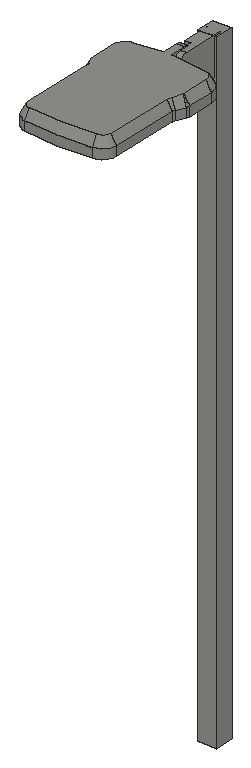
Revit family "VP-4-AAU", category Lighting Fixtures, host Face, Revit 2019
Family settings
  Host = Face
  Round Connector Dimension = Use Diameter
  Part Type = Normal
  OmniClass Number = 23.80.70.11.14.17
  OmniClass Title = Direct/Indirect
  Cut with Voids When Loaded = No
  Light Source = No
  Shared = Yes
  Room Calculation Point = No
Parameters (values of type "VP-4-AAU")
  Wattage Comments = "600W"  # constant formula
  Warranty = "Five year warranty"  # constant formula
  Voltage = 120 V
  URL = "https://www.currentlighting.com/beacon"
  Type Comments = "Lighting Fixture"  # constant formula
  Product Page URL = "https://www.currentlighting.com/outdoor-lighting/viper-area-size-4/9606406"
  Product Documentation Link = "https://cdn.currentlighting.com/site/specsheet/BEA_VIPERSPEC.pdf"
  Power Factor = 0.9
  Pole Height [instance] = 120.00"
  Name = "Viper Area Size 4"  # constant formula
  Model = "VP-4-AAU"
  Matt Grey = MATT GREY
  Matt Black = Matt Black
  Manufacturer = "Current Lighting"  # constant formula
  Load Classification = Lighting
  Light Output = 87468.00 cd/m²
  Lamp = "LED"  # constant formula
  Grey = Grey
  Glass = Glass
  Pole Size [instance] = 3.50"
  Features = "Featuring two different optical technologies, Micro Strike and Strike Optics, which provide the best distribution patterns for retrofit or new construction\r\nVibration rated for high vibration applications including bridges and overpasses\r\nControl options including photo control, occupancy sensing, NX Lighting Controls, wiSCAPE and 7-Pin with networked controls\r\nMounting options include: Arm, Universal Arm, Adjustable Arm, Mast Arm, Decorative Arm, Knuckle, Trunnion, Wall\r\nDistribution options include: Auto Front Row, Type 2, Type 3, Type 4 Forward, Type 4 Wide, Type 5 Narrow, Type 5 Medium, Type 5 Wide, Type 5 Rectangular, Corner Optic, and Tennis Court\r\n\r\n"  # constant formula
  Copyright = "© 2022 Current Lighting"  # constant formula
  Cool Grey = Cool Grey
  Contact Us = "https://www.currentlighting.com/contact-us"
  Certification = "UL"  # constant formula
  Description = "The Viper is an extremely versatile area/site luminaire which blends design, performance, and technology for a variety of applications."  # constant formula
  Default Elevation = 48.00"
  Finish = Arctic White
  Matt White = Matt White
  CRI = "70"  # constant formula
  Brand = "Beacon"  # constant formula
  Assembly Code = "D5020200"
  Apparent Load = 600 VA  # constant formula
Reference planes (in)
  plane 1 "Center (Front/Back)": y = 6.16697
  plane 2: z = 0
  plane 3 "Center (Left/Right)": x = 0
  plane 4: z = 3.75
  plane 5: z = -4.44
  plane 6: x = -1.75
  plane 7: x = 1.75
  plane 8: y = 4.41697
  plane 9: y = 7.91697
  plane 10: z = 120
Forms (in)
  Extrusion 1, solid, material "Cool Grey" <- "Cool Grey"
    sketch origin (0, 0, 0) x (1, 0, 0) y (0, 1, 0)
      loop
        line (-1.75, 7.91697) -> (-1.75, 4.41697) -> (1.75, 4.41697) -> (1.75, 7.91697) -> (-1.75, 7.91697)
    from 0 to 120
Lines and regions (in)
  reference lines
    curve 1: line (0, 14.42606, -3.25) -> (0, 17.42606, -0.25)
    curve 2: line (0, -2.09213, -3.25) -> (0, 14.42606, -3.25)
    curve 3: line (0, -5.09213, -0.25) -> (0, -2.09213, -3.25)
    curve 4: line (0, 14.42606, -3.25) -> (0, 17.42606, -0.25)
    curve 5: line (0, -5.09213, -0.25) -> (0, 17.42606, -0.25)
    curve 6: line (0, 17.17606, -0.77432) -> (0, 17.92606, -0.77432)
    curve 7: line (0, 17.17606, -1.52432) -> (0, 17.17606, -0.77432)
    curve 8: line (0, 16.69614, -1.52432) -> (0, 17.17606, -1.52432)
    curve 9: line (0, 14.92606, -4.25) -> (0, 16.69614, -1.52432)
    curve 10: line (0, -4.3622, -1.52432) -> (0, -2.59213, -4.25)
    curve 11: line (0, -4.84213, -1.52432) -> (0, -4.3622, -1.52432)
    curve 12: line (0, -4.84213, -0.77432) -> (0, -4.84213, -1.52432)
    curve 13: line (0, -5.59213, -0.77432) -> (0, -4.84213, -0.77432)
Dimensions and locks (in)
  plane 4 to plane 2 = 3.75"
  "Pole Size": plane 8 to plane 9
  equal spacing: plane 8, plane 1 "Center (Front/Back)", plane 9
  equal spacing: plane 6, plane 3 "Center (Left/Right)", plane 7
  "Pole Size": plane 6 to plane 7
  "Pole Height": plane 10 to plane 2
  aligned and locked: plane 2 to host face
  aligned and locked: level to host face
  aligned and locked: plane 10 to Extrusion 1
  aligned and locked: plane 3 "Center (Left/Right)" to nested 1
  aligned and locked: plane 9 to Extrusion 1 sketch curve
  aligned and locked: plane 6 to Extrusion 1 sketch curve
  aligned and locked: Extrusion 1 sketch curve to plane 8
  aligned and locked: Extrusion 1 sketch curve to plane 7
  aligned and locked: nested 1 to plane 10
Automatic sketch dimensions
  host sketch curve to host sketch curve = 96.00"
  host sketch curve to host sketch curve = 85.00"
  curve 3 to level = 0.25"
  plane 8 to curve 3 = 9.50909"
  curve 3 to curve 12 = 0.25"
  curve 11 to curve 11 = 0.47992"
  curve 2 to plane 5 = 1.19"
  curve 10 to curve 2 = 2.27008"
  curve 1 to plane 9 = 6.50909"
  curve 9 to level = 1.52432"
  curve 1 to curve 9 = 2.27008"
  curve 8 to curve 8 = 0.47992"
  curve 6 to curve 4 = 0.25"
  curve 10 to curve 3 = 1.27432"
  curve 7 to curve 1 = 0.52432"
  curve 12 to curve 3 = 0.52432"
  curve 13 to curve 3 = 0.50"
  curve 10 to plane 5 = 0.19"
  curve 10 to curve 2 = 0.50"
  curve 9 to plane 5 = 0.19"
  curve 1 to curve 9 = 0.50"
  curve 1 to curve 6 = 0.50"
Nested families (in)
  nested 1: "SIZE4-AAU" at (0, 4.41697, 118.26) x (1, 0, 0) z (0, -1, 0), type "SIZE4-AAU"
Connectors (in)
  electrical at (0, 6.16697, 0), driven by "Power Factor", driven by "Apparent Load", driven by "Voltage"
    settings: on Extrusion 1, index 1, voltage 120 V, apparent load 600 VA, apparent load phase1 0 VA, apparent load phase2 0 VA, apparent load phase3 0 VA, power factor 0.9, load classification "Other", number of poles 1, system type 30, power factor state 1, is connector primary yes, connector utility no, sub classification motor no, connector description "Light Fixture"
Definition of nested family "SIZE4-AAU"
  Parameters (values of type "SIZE4-AAU")
    Width = 19.62"
    Wattage = 519.1 W
    built-in parameter 1150110 = 1 (stored number, unit not read)
    built-in parameter 1114217 = 1 (stored number, unit not read)
    Tilt Angle = 160.00°
    built-in parameter 1150109 = 1 (stored number, unit not read)
    built-in parameter 1150134 = 3
    built-in parameter 1150113 = 1 (stored number, unit not read)
    Photometric Web File = "VP-4-720L-515-5K7-4W-BC.ies"
    Mount Length = 7.50"
    built-in parameter 1150105 = 3180.8 (stored number, unit not read)
    Lumens = 39970.7 lm
    built-in parameter 1150115 = 1 (stored number, unit not read)
    built-in parameter 1150137 = (empty or 0)
    built-in parameter 1150139 = (empty or 0)
    Length = 27.98"
    built-in parameter 1150112 = 1 (stored number, unit not read)
    built-in parameter 1150114 = 1 (stored number, unit not read)
    built-in parameter 1150132 = (empty or 0)
    built-in parameter 1150102 = (empty or 0)
    built-in parameter 1150107 = 3200 (stored number, unit not read)
    built-in parameter 1150138 = (empty or 0)
    built-in parameter 1150106 = 31.808 (stored number, unit not read)
    Glass = none
    Fixture = none
    built-in parameter 1150104 = 7.1535 (stored number, unit not read)
    Dimming Lamp Color Temperature Shift = (empty or 0)
    Default Elevation = 48.00"
    Color Filter = 16777215
    built-in parameter 1114218 = 1 (stored number, unit not read)
    built-in parameter 1150133 = 10 (stored number, unit not read)
  Reference planes (in)
    plane 1 "Center (Front/Back)": y = 0
    plane 2: z = 0
    plane 3 "Center (Left/Right)": x = 0
    plane 4: x = 9.81
    plane 5: x = -9.81
    plane 6: z = 7.5
    plane 7: z = 35.48
    plane 8: y = -1.74
    plane 9: y = 1.74
  Forms (in)
    Extrusion 1, solid
      sketch origin (0, 0, 0) x (1, 0, 0) y (0, 1, 0)
        loop
          line (-48, 48) -> (-48, -48) -> (48, -48) -> (48, 48) -> (-48, 48)
      from 0 to -12
    Extrusion 2, void
      sketch origin (0, 0, 0) x (1, 0, 0) y (0, 0, 1)
        loop
          arc (-8.40608, 15.16005) -> (0.0771, 15.81374) -> (8.56, 15.15635) r 55.21553
          line (8.56, 15.15635) -> (8.56, 33.16182) -> (-8.40608, 33.16182) -> (-8.40608, 15.16005)
      from 1 to 1.75
    Extrusion 3, solid, material <- "Glass"
      sketch origin (0, 0, -0.5) x (1, 0, 0) y (0, 0, 1)
        loop
          arc (-7.30987, 33.16182) -> (-7.55736, 33.05931) -> (-7.65987, 32.81182) r 0.35
          line (-7.65987, 32.81182) -> (-7.65987, 28.01182)
          arc (-7.65987, 28.01182) -> (-7.55736, 27.76434) -> (-7.30987, 27.66182) r 0.35
          line (-7.30987, 27.66182) -> (7.30987, 27.66182)
          arc (7.30987, 27.66182) -> (7.55736, 27.76434) -> (7.65987, 28.01182) r 0.35
          line (7.65987, 28.01182) -> (7.65987, 32.81182)
          arc (7.65987, 32.81182) -> (7.55736, 33.05931) -> (7.30987, 33.16182) r 0.35
          line (7.30987, 33.16182) -> (-7.30987, 33.16182)
      from 1 to 1.35
    Extrusion 4, solid, material <- "Glass"
      sketch origin (0.375, 0, -0.375) x (1, 0, 0) y (0, 0, 1)
        loop
          circle (-7.47829, 32.33694) r 0.15
        loop
          circle (-6.95955, 32.33694) r 0.15
        loop
          circle (-6.4408, 32.33694) r 0.15
        loop
          circle (-5.92205, 32.33694) r 0.15
        loop
          circle (-5.4033, 32.33694) r 0.15
        loop
          circle (-4.88455, 32.33694) r 0.15
        loop
          circle (-4.3658, 32.33694) r 0.15
        loop
          circle (-3.84705, 32.33694) r 0.15
        loop
          circle (-3.32831, 32.33694) r 0.15
        loop
          circle (-7.47829, 31.83694) r 0.15
        loop
          circle (-6.95955, 31.83694) r 0.15
        loop
          circle (-6.4408, 31.83694) r 0.15
        loop
          circle (-5.92205, 31.83694) r 0.15
        loop
          circle (-5.4033, 31.83694) r 0.15
        loop
          circle (-4.88455, 31.83694) r 0.15
        loop
          circle (-4.3658, 31.83694) r 0.15
        loop
          circle (-3.84705, 31.83694) r 0.15
        loop
          circle (-3.32831, 31.83694) r 0.15
        loop
          circle (-7.47829, 31.33694) r 0.15
        loop
          circle (-6.95955, 31.33694) r 0.15
        loop
          circle (-6.4408, 31.33694) r 0.15
        loop
          circle (-5.92205, 31.33694) r 0.15
        loop
          circle (-5.4033, 31.33694) r 0.15
        loop
          circle (-4.88455, 31.33694) r 0.15
        loop
          circle (-4.3658, 31.33694) r 0.15
        loop
          circle (-3.84705, 31.33694) r 0.15
        loop
          circle (-3.32831, 31.33694) r 0.15
        loop
          circle (-7.47829, 30.83694) r 0.15
        loop
          circle (-6.95955, 30.83694) r 0.15
        loop
          circle (-6.4408, 30.83694) r 0.15
        loop
          circle (-5.92205, 30.83694) r 0.15
        loop
          circle (-5.4033, 30.83694) r 0.15
        loop
          circle (-4.88455, 30.83694) r 0.15
        loop
          circle (-4.3658, 30.83694) r 0.15
        loop
          circle (-3.84705, 30.83694) r 0.15
        loop
          circle (-3.32831, 30.83694) r 0.15
        loop
          circle (-7.47829, 30.33694) r 0.15
        loop
          circle (-6.95955, 30.33694) r 0.15
        loop
          circle (-6.4408, 30.33694) r 0.15
        loop
          circle (-5.92205, 30.33694) r 0.15
        loop
          circle (-5.4033, 30.33694) r 0.15
        loop
          circle (-4.88455, 30.33694) r 0.15
        loop
          circle (-4.3658, 30.33694) r 0.15
        loop
          circle (-3.84705, 30.33694) r 0.15
        loop
          circle (-3.32831, 30.33694) r 0.15
        loop
          circle (-7.47829, 29.83694) r 0.15
        loop
          circle (-6.95955, 29.83694) r 0.15
        loop
          circle (-6.4408, 29.83694) r 0.15
        loop
          circle (-5.92205, 29.83694) r 0.15
        loop
          circle (-5.4033, 29.83694) r 0.15
        loop
          circle (-4.88455, 29.83694) r 0.15
        loop
          circle (-4.3658, 29.83694) r 0.15
        loop
          circle (-3.84705, 29.83694) r 0.15
        loop
          circle (-3.32831, 29.83694) r 0.15
        loop
          circle (-7.47829, 29.33694) r 0.15
        loop
          circle (-6.95955, 29.33694) r 0.15
        loop
          circle (-6.4408, 29.33694) r 0.15
        loop
          circle (-5.92205, 29.33694) r 0.15
        loop
          circle (-5.4033, 29.33694) r 0.15
        loop
          circle (-4.88455, 29.33694) r 0.15
        loop
          circle (-4.3658, 29.33694) r 0.15
        loop
          circle (-3.84705, 29.33694) r 0.15
        loop
          circle (-3.32831, 29.33694) r 0.15
        loop
          circle (-7.47829, 28.83694) r 0.15
        loop
          circle (-6.95955, 28.83694) r 0.15
        loop
          circle (-6.4408, 28.83694) r 0.15
        loop
          circle (-5.92205, 28.83694) r 0.15
        loop
          circle (-5.4033, 28.83694) r 0.15
        loop
          circle (-4.88455, 28.83694) r 0.15
        loop
          circle (-4.3658, 28.83694) r 0.15
        loop
          circle (-3.84705, 28.83694) r 0.15
        loop
          circle (-3.32831, 28.83694) r 0.15
        loop
          circle (-7.47829, 28.33694) r 0.15
        loop
          circle (-6.95955, 28.33694) r 0.15
        loop
          circle (-6.4408, 28.33694) r 0.15
        loop
          circle (-5.92205, 28.33694) r 0.15
        loop
          circle (-5.4033, 28.33694) r 0.15
        loop
          circle (-4.88455, 28.33694) r 0.15
        loop
          circle (-4.3658, 28.33694) r 0.15
        loop
          circle (-3.84705, 28.33694) r 0.15
        loop
          circle (-3.32831, 28.33694) r 0.15
      from 1.35 to 1.4
    Extrusion 5, solid, material <- "Glass"
      sketch origin (0, 0, -0.375) x (1, 0, 0) y (0, 0, 1)
        loop
          arc (-7.16655, 32.8409) -> (-7.34333, 32.76768) -> (-7.41655, 32.5909) r 0.25
          line (-7.41655, 32.5909) -> (-7.41655, 28.0909)
          arc (-7.41655, 28.0909) -> (-7.34333, 27.91412) -> (-7.16655, 27.8409) r 0.25
          line (-7.16655, 27.8409) -> (-2.81123, 27.8409)
          arc (-2.81123, 27.8409) -> (-2.63446, 27.91412) -> (-2.56123, 28.0909) r 0.25
          line (-2.56123, 28.0909) -> (-2.56123, 32.5909)
          arc (-2.56123, 32.5909) -> (-2.63446, 32.76768) -> (-2.81123, 32.8409) r 0.25
          line (-2.81123, 32.8409) -> (-7.16655, 32.8409)
      from 1.35 to 1.37213
    Extrusion 6, solid, material <- "Fixture"
      sketch origin (0, 0, 12.875) x (1, 0, 0) y (0, 1, 0)
        loop
          line (7.68693, -1) -> (7.68693, -1.20146)
          arc (7.68693, -1.20146) -> (7.69367, -1.23973) -> (7.71311, -1.27339) r 0.1119
          line (7.71311, -1.27339) -> (8.07367, -1.70309)
          arc (8.07367, -1.70309) -> (8.10164, -1.72455) -> (8.13607, -1.73219) r 0.08147
          line (8.13607, -1.73219) -> (8.56, -1.73219) -> (8.56, -1) -> (7.68693, -1)
      from 18.55 to 18.65
    Extrusion 7, solid, material <- "Glass"
      sketch origin (-0.375, 0, -0.375) x (-1, 0, 0) y (0, 0, -1)
        loop
          circle (-7.47829, -32.33694) r 0.15
        loop
          circle (-6.95955, -32.33694) r 0.15
        loop
          circle (-6.4408, -32.33694) r 0.15
        loop
          circle (-5.92205, -32.33694) r 0.15
        loop
          circle (-5.4033, -32.33694) r 0.15
        loop
          circle (-4.88455, -32.33694) r 0.15
        loop
          circle (-4.3658, -32.33694) r 0.15
        loop
          circle (-3.84705, -32.33694) r 0.15
        loop
          circle (-3.32831, -32.33694) r 0.15
        loop
          circle (-7.47829, -31.83694) r 0.15
        loop
          circle (-6.95955, -31.83694) r 0.15
        loop
          circle (-6.4408, -31.83694) r 0.15
        loop
          circle (-5.92205, -31.83694) r 0.15
        loop
          circle (-5.4033, -31.83694) r 0.15
        loop
          circle (-4.88455, -31.83694) r 0.15
        loop
          circle (-4.3658, -31.83694) r 0.15
        loop
          circle (-3.84705, -31.83694) r 0.15
        loop
          circle (-3.32831, -31.83694) r 0.15
        loop
          circle (-7.47829, -31.33694) r 0.15
        loop
          circle (-6.95955, -31.33694) r 0.15
        loop
          circle (-6.4408, -31.33694) r 0.15
        loop
          circle (-5.92205, -31.33694) r 0.15
        loop
          circle (-5.4033, -31.33694) r 0.15
        loop
          circle (-4.88455, -31.33694) r 0.15
        loop
          circle (-4.3658, -31.33694) r 0.15
        loop
          circle (-3.84705, -31.33694) r 0.15
        loop
          circle (-3.32831, -31.33694) r 0.15
        loop
          circle (-7.47829, -30.83694) r 0.15
        loop
          circle (-6.95955, -30.83694) r 0.15
        loop
          circle (-6.4408, -30.83694) r 0.15
        loop
          circle (-5.92205, -30.83694) r 0.15
        loop
          circle (-5.4033, -30.83694) r 0.15
        loop
          circle (-4.88455, -30.83694) r 0.15
        loop
          circle (-4.3658, -30.83694) r 0.15
        loop
          circle (-3.84705, -30.83694) r 0.15
        loop
          circle (-3.32831, -30.83694) r 0.15
        loop
          circle (-7.47829, -30.33694) r 0.15
        loop
          circle (-6.95955, -30.33694) r 0.15
        loop
          circle (-6.4408, -30.33694) r 0.15
        loop
          circle (-5.92205, -30.33694) r 0.15
        loop
          circle (-5.4033, -30.33694) r 0.15
        loop
          circle (-4.88455, -30.33694) r 0.15
        loop
          circle (-4.3658, -30.33694) r 0.15
        loop
          circle (-3.84705, -30.33694) r 0.15
        loop
          circle (-3.32831, -30.33694) r 0.15
        loop
          circle (-7.47829, -29.83694) r 0.15
        loop
          circle (-6.95955, -29.83694) r 0.15
        loop
          circle (-6.4408, -29.83694) r 0.15
        loop
          circle (-5.92205, -29.83694) r 0.15
        loop
          circle (-5.4033, -29.83694) r 0.15
        loop
          circle (-4.88455, -29.83694) r 0.15
        loop
          circle (-4.3658, -29.83694) r 0.15
        loop
          circle (-3.84705, -29.83694) r 0.15
        loop
          circle (-3.32831, -29.83694) r 0.15
        loop
          circle (-7.47829, -29.33694) r 0.15
        loop
          circle (-6.95955, -29.33694) r 0.15
        loop
          circle (-6.4408, -29.33694) r 0.15
        loop
          circle (-5.92205, -29.33694) r 0.15
        loop
          circle (-5.4033, -29.33694) r 0.15
        loop
          circle (-4.88455, -29.33694) r 0.15
        loop
          circle (-4.3658, -29.33694) r 0.15
        loop
          circle (-3.84705, -29.33694) r 0.15
        loop
          circle (-3.32831, -29.33694) r 0.15
        loop
          circle (-7.47829, -28.83694) r 0.15
        loop
          circle (-6.95955, -28.83694) r 0.15
        loop
          circle (-6.4408, -28.83694) r 0.15
        loop
          circle (-5.92205, -28.83694) r 0.15
        loop
          circle (-5.4033, -28.83694) r 0.15
        loop
          circle (-4.88455, -28.83694) r 0.15
        loop
          circle (-4.3658, -28.83694) r 0.15
        loop
          circle (-3.84705, -28.83694) r 0.15
        loop
          circle (-3.32831, -28.83694) r 0.15
        loop
          circle (-7.47829, -28.33694) r 0.15
        loop
          circle (-6.95955, -28.33694) r 0.15
        loop
          circle (-6.4408, -28.33694) r 0.15
        loop
          circle (-5.92205, -28.33694) r 0.15
        loop
          circle (-5.4033, -28.33694) r 0.15
        loop
          circle (-4.88455, -28.33694) r 0.15
        loop
          circle (-4.3658, -28.33694) r 0.15
        loop
          circle (-3.84705, -28.33694) r 0.15
        loop
          circle (-3.32831, -28.33694) r 0.15
      from 1.35 to 1.4
    Extrusion 8, solid, material <- "Glass"
      sketch origin (0, 0, -0.375) x (-1, 0, 0) y (0, 0, -1)
        loop
          line (-7.16655, -32.8409) -> (-2.84181, -32.8409)
          arc (-2.84181, -32.8409) -> (-2.66504, -32.76768) -> (-2.59181, -32.5909) r 0.25
          line (-2.59181, -32.5909) -> (-2.59181, -28.0909)
          arc (-2.59181, -28.0909) -> (-2.66504, -27.91412) -> (-2.84181, -27.8409) r 0.25
          line (-2.84181, -27.8409) -> (-7.16655, -27.8409)
          arc (-7.16655, -27.8409) -> (-7.34333, -27.91412) -> (-7.41655, -28.0909) r 0.25
          line (-7.41655, -28.0909) -> (-7.41655, -32.5909)
          arc (-7.41655, -32.5909) -> (-7.34333, -32.76768) -> (-7.16655, -32.8409) r 0.25
      from 1.35 to 1.37213
    Extrusion 9, solid, material <- "Glass"
      sketch origin (0, 0, -5.75) x (1, 0, 0) y (0, 0, 1)
        loop
          arc (-7.30987, 32.91182) -> (-7.55736, 32.80931) -> (-7.65987, 32.56182) r 0.35
          line (-7.65987, 32.56182) -> (-7.65987, 27.76182)
          arc (-7.65987, 27.76182) -> (-7.55736, 27.51434) -> (-7.30987, 27.41182) r 0.35
          line (-7.30987, 27.41182) -> (7.30987, 27.41182)
          arc (7.30987, 27.41182) -> (7.55736, 27.51434) -> (7.65987, 27.76182) r 0.35
          line (7.65987, 27.76182) -> (7.65987, 32.56182)
          arc (7.65987, 32.56182) -> (7.55736, 32.80931) -> (7.30987, 32.91182) r 0.35
          line (7.30987, 32.91182) -> (-7.30987, 32.91182)
      from 1 to 1.35
    Extrusion 10, solid, material <- "Glass"
      sketch origin (0, 0, 47.30365) x (1, 0, 0) y (0, 0, 1)
        loop
          line (-7.30987, -31.14182) -> (7.30987, -31.14182)
          arc (7.30987, -31.14182) -> (7.55736, -31.03931) -> (7.65987, -30.79182) r 0.35
          line (7.65987, -30.79182) -> (7.65987, -25.99182)
          arc (7.65987, -25.99182) -> (7.55736, -25.74434) -> (7.30987, -25.64182) r 0.35
          line (7.30987, -25.64182) -> (-7.30987, -25.64182)
          arc (-7.30987, -25.64182) -> (-7.55736, -25.74434) -> (-7.65987, -25.99182) r 0.35
          line (-7.65987, -25.99182) -> (-7.65987, -30.79182)
          arc (-7.65987, -30.79182) -> (-7.55736, -31.03931) -> (-7.30987, -31.14182) r 0.35
      from 1 to 1.35
    Extrusion 11, solid, material <- "Fixture"
      sketch origin (0, 0, 11.87318) x (1, 0, 0) y (0, 1, 0)
        loop
          line (7.68693, -1) -> (7.68693, -1.20146)
          arc (7.68693, -1.20146) -> (7.69367, -1.23973) -> (7.71311, -1.27339) r 0.1119
          line (7.71311, -1.27339) -> (8.07367, -1.70309)
          arc (8.07367, -1.70309) -> (8.10164, -1.72455) -> (8.13607, -1.73219) r 0.08147
          line (8.13607, -1.73219) -> (8.56, -1.73219) -> (8.56, -1) -> (7.68693, -1)
      from 18.55 to 18.65
    Extrusion 12, solid, material <- "Fixture"
      sketch origin (0, 0, 10.87135) x (1, 0, 0) y (0, 1, 0)
        loop
          line (7.68693, -1) -> (7.68693, -1.20146)
          arc (7.68693, -1.20146) -> (7.69367, -1.23973) -> (7.71311, -1.27339) r 0.1119
          line (7.71311, -1.27339) -> (8.07367, -1.70309)
          arc (8.07367, -1.70309) -> (8.10164, -1.72455) -> (8.13607, -1.73219) r 0.08147
          line (8.13607, -1.73219) -> (8.56, -1.73219) -> (8.56, -1) -> (7.68693, -1)
      from 18.55 to 18.65
    Extrusion 13, solid, material <- "Fixture"
      sketch origin (0, 0, 9.86953) x (1, 0, 0) y (0, 1, 0)
        loop
          line (7.68693, -1) -> (7.68693, -1.20146)
          arc (7.68693, -1.20146) -> (7.69367, -1.23973) -> (7.71311, -1.27339) r 0.1119
          line (7.71311, -1.27339) -> (8.07367, -1.70309)
          arc (8.07367, -1.70309) -> (8.10164, -1.72455) -> (8.13607, -1.73219) r 0.08147
          line (8.13607, -1.73219) -> (8.56, -1.73219) -> (8.56, -1) -> (7.68693, -1)
      from 18.55 to 18.65
    Extrusion 14, solid, material <- "Fixture"
      sketch origin (0, 0, 8.86953) x (1, 0, 0) y (0, 1, 0)
        loop
          line (7.68693, -1) -> (7.68693, -1.20146)
          arc (7.68693, -1.20146) -> (7.69367, -1.23973) -> (7.71311, -1.27339) r 0.1119
          line (7.71311, -1.27339) -> (8.07367, -1.70309)
          arc (8.07367, -1.70309) -> (8.10164, -1.72455) -> (8.13607, -1.73219) r 0.08147
          line (8.13607, -1.73219) -> (8.56, -1.73219) -> (8.56, -1) -> (7.68693, -1)
      from 18.55 to 18.65
    Extrusion 15, solid, material <- "Fixture"
      sketch origin (0, 0, 7.8125) x (1, 0, 0) y (0, 1, 0)
        loop
          line (7.68693, -1) -> (7.68693, -1.20146)
          arc (7.68693, -1.20146) -> (7.69367, -1.23973) -> (7.71311, -1.27339) r 0.1119
          line (7.71311, -1.27339) -> (8.07367, -1.70309)
          arc (8.07367, -1.70309) -> (8.10164, -1.72455) -> (8.13607, -1.73219) r 0.08147
          line (8.13607, -1.73219) -> (8.56, -1.73219) -> (8.56, -1) -> (7.68693, -1)
      from 18.55 to 18.65
    Extrusion 16, solid, material <- "Fixture"
      sketch origin (0, 0, 6.81068) x (1, 0, 0) y (0, 1, 0)
        loop
          line (7.68693, -1) -> (7.68693, -1.20146)
          arc (7.68693, -1.20146) -> (7.69367, -1.23973) -> (7.71311, -1.27339) r 0.1119
          line (7.71311, -1.27339) -> (8.07367, -1.70309)
          arc (8.07367, -1.70309) -> (8.10164, -1.72455) -> (8.13607, -1.73219) r 0.08147
          line (8.13607, -1.73219) -> (8.56, -1.73219) -> (8.56, -1) -> (7.68693, -1)
      from 18.55 to 18.65
    Extrusion 17, solid, material <- "Fixture"
      sketch origin (0, 0, 5.80885) x (1, 0, 0) y (0, 1, 0)
        loop
          line (7.68693, -1) -> (7.68693, -1.20146)
          arc (7.68693, -1.20146) -> (7.69367, -1.23973) -> (7.71311, -1.27339) r 0.1119
          line (7.71311, -1.27339) -> (8.07367, -1.70309)
          arc (8.07367, -1.70309) -> (8.10164, -1.72455) -> (8.13607, -1.73219) r 0.08147
          line (8.13607, -1.73219) -> (8.56, -1.73219) -> (8.56, -1) -> (7.68693, -1)
      from 18.55 to 18.65
    Extrusion 18, solid, material <- "Fixture"
      sketch origin (0, 0, 4.80703) x (1, 0, 0) y (0, 1, 0)
        loop
          line (7.68693, -1) -> (7.68693, -1.20146)
          arc (7.68693, -1.20146) -> (7.69367, -1.23973) -> (7.71311, -1.27339) r 0.1119
          line (7.71311, -1.27339) -> (8.07367, -1.70309)
          arc (8.07367, -1.70309) -> (8.10164, -1.72455) -> (8.13607, -1.73219) r 0.08147
          line (8.13607, -1.73219) -> (8.56, -1.73219) -> (8.56, -1) -> (7.68693, -1)
      from 18.55 to 18.65
    Extrusion 19, solid, material <- "Fixture"
      sketch origin (0, 0, 3.80703) x (1, 0, 0) y (0, 1, 0)
        loop
          line (7.68693, -1) -> (7.68693, -1.20146)
          arc (7.68693, -1.20146) -> (7.69367, -1.23973) -> (7.71311, -1.27339) r 0.1119
          line (7.71311, -1.27339) -> (8.07367, -1.70309)
          arc (8.07367, -1.70309) -> (8.10164, -1.72455) -> (8.13607, -1.73219) r 0.08147
          line (8.13607, -1.73219) -> (8.56, -1.73219) -> (8.56, -1) -> (7.68693, -1)
      from 18.55 to 18.65
    Extrusion 20, solid, material <- "Fixture"
      sketch origin (0, 0, 2.125) x (1, 0, 0) y (0, 1, 0)
        loop
          line (7.68693, -1) -> (7.68693, -1.20146)
          arc (7.68693, -1.20146) -> (7.69367, -1.23973) -> (7.71311, -1.27339) r 0.1119
          line (7.71311, -1.27339) -> (8.07367, -1.70309)
          arc (8.07367, -1.70309) -> (8.10164, -1.72455) -> (8.13607, -1.73219) r 0.08147
          line (8.13607, -1.73219) -> (8.56, -1.73219) -> (8.56, -1) -> (7.68693, -1)
      from 18.55 to 18.65
    Extrusion 21, solid, material <- "Fixture"
      sketch origin (0, 0, 1.12318) x (1, 0, 0) y (0, 1, 0)
        loop
          line (7.68693, -1) -> (7.68693, -1.20146)
          arc (7.68693, -1.20146) -> (7.69367, -1.23973) -> (7.71311, -1.27339) r 0.1119
          line (7.71311, -1.27339) -> (8.07367, -1.70309)
          arc (8.07367, -1.70309) -> (8.10164, -1.72455) -> (8.13607, -1.73219) r 0.08147
          line (8.13607, -1.73219) -> (8.56, -1.73219) -> (8.56, -1) -> (7.68693, -1)
      from 18.55 to 18.65
    Extrusion 22, solid, material <- "Fixture"
      sketch origin (0, 0, 0.12135) x (1, 0, 0) y (0, 1, 0)
        loop
          line (7.68693, -1) -> (7.68693, -1.20146)
          arc (7.68693, -1.20146) -> (7.69367, -1.23973) -> (7.71311, -1.27339) r 0.1119
          line (7.71311, -1.27339) -> (8.07367, -1.70309)
          arc (8.07367, -1.70309) -> (8.10164, -1.72455) -> (8.13607, -1.73219) r 0.08147
          line (8.13607, -1.73219) -> (8.56, -1.73219) -> (8.56, -1) -> (7.68693, -1)
      from 18.55 to 18.65
    Extrusion 23, solid, material <- "Fixture"
      sketch origin (0, 0, -0.88047) x (1, 0, 0) y (0, 1, 0)
        loop
          line (7.68693, -1) -> (7.68693, -1.20146)
          arc (7.68693, -1.20146) -> (7.69367, -1.23973) -> (7.71311, -1.27339) r 0.1119
          line (7.71311, -1.27339) -> (8.07367, -1.70309)
          arc (8.07367, -1.70309) -> (8.10164, -1.72455) -> (8.13607, -1.73219) r 0.08147
          line (8.13607, -1.73219) -> (8.56, -1.73219) -> (8.56, -1) -> (7.68693, -1)
      from 18.55 to 18.65
    Extrusion 24, solid, material <- "Fixture"
      sketch origin (0, 0, -1.88047) x (1, 0, 0) y (0, 1, 0)
        loop
          line (7.68693, -1) -> (7.68693, -1.20146)
          arc (7.68693, -1.20146) -> (7.69367, -1.23973) -> (7.71311, -1.27339) r 0.1119
          line (7.71311, -1.27339) -> (8.07367, -1.70309)
          arc (8.07367, -1.70309) -> (8.10164, -1.72455) -> (8.13607, -1.73219) r 0.08147
          line (8.13607, -1.73219) -> (8.56, -1.73219) -> (8.56, -1) -> (7.68693, -1)
      from 18.55 to 18.65
    Extrusion 25, solid, material <- "Fixture"
      sketch origin (0.07812, 0, 13.125) x (-1, 0, 0) y (0, -1, 0)
        loop
          line (7.68693, 1) -> (8.56, 1) -> (8.56, 1.73219) -> (8.13607, 1.73219)
          arc (8.13607, 1.73219) -> (8.10164, 1.72455) -> (8.07367, 1.70309) r 0.08147
          line (8.07367, 1.70309) -> (7.71311, 1.27339)
          arc (7.71311, 1.27339) -> (7.69367, 1.23973) -> (7.68693, 1.20146) r 0.1119
          line (7.68693, 1.20146) -> (7.68693, 1)
      from 18.55 to 18.65
    Extrusion 26, solid, material <- "Fixture"
      sketch origin (0.07812, 0, 12.12318) x (-1, 0, 0) y (0, -1, 0)
        loop
          line (7.68693, 1) -> (8.56, 1) -> (8.56, 1.73219) -> (8.13607, 1.73219)
          arc (8.13607, 1.73219) -> (8.10164, 1.72455) -> (8.07367, 1.70309) r 0.08147
          line (8.07367, 1.70309) -> (7.71311, 1.27339)
          arc (7.71311, 1.27339) -> (7.69367, 1.23973) -> (7.68693, 1.20146) r 0.1119
          line (7.68693, 1.20146) -> (7.68693, 1)
      from 18.55 to 18.65
    Extrusion 27, solid, material <- "Fixture"
      sketch origin (0.07812, 0, 11.12135) x (-1, 0, 0) y (0, -1, 0)
        loop
          line (7.68693, 1) -> (8.56, 1) -> (8.56, 1.73219) -> (8.13607, 1.73219)
          arc (8.13607, 1.73219) -> (8.10164, 1.72455) -> (8.07367, 1.70309) r 0.08147
          line (8.07367, 1.70309) -> (7.71311, 1.27339)
          arc (7.71311, 1.27339) -> (7.69367, 1.23973) -> (7.68693, 1.20146) r 0.1119
          line (7.68693, 1.20146) -> (7.68693, 1)
      from 18.55 to 18.65
    Extrusion 28, solid, material <- "Fixture"
      sketch origin (0.07812, 0, 10.11953) x (-1, 0, 0) y (0, -1, 0)
        loop
          line (7.68693, 1) -> (8.56, 1) -> (8.56, 1.73219) -> (8.13607, 1.73219)
          arc (8.13607, 1.73219) -> (8.10164, 1.72455) -> (8.07367, 1.70309) r 0.08147
          line (8.07367, 1.70309) -> (7.71311, 1.27339)
          arc (7.71311, 1.27339) -> (7.69367, 1.23973) -> (7.68693, 1.20146) r 0.1119
          line (7.68693, 1.20146) -> (7.68693, 1)
      from 18.55 to 18.65
    Extrusion 29, solid, material <- "Fixture"
      sketch origin (0.07812, 0, 9.11953) x (-1, 0, 0) y (0, -1, 0)
        loop
          line (7.68693, 1) -> (8.56, 1) -> (8.56, 1.73219) -> (8.13607, 1.73219)
          arc (8.13607, 1.73219) -> (8.10164, 1.72455) -> (8.07367, 1.70309) r 0.08147
          line (8.07367, 1.70309) -> (7.71311, 1.27339)
          arc (7.71311, 1.27339) -> (7.69367, 1.23973) -> (7.68693, 1.20146) r 0.1119
          line (7.68693, 1.20146) -> (7.68693, 1)
      from 18.55 to 18.65
    Extrusion 30, solid, material <- "Fixture"
      sketch origin (0.07812, 0, 8.0625) x (-1, 0, 0) y (0, -1, 0)
        loop
          line (7.68693, 1) -> (8.56, 1) -> (8.56, 1.73219) -> (8.13607, 1.73219)
          arc (8.13607, 1.73219) -> (8.10164, 1.72455) -> (8.07367, 1.70309) r 0.08147
          line (8.07367, 1.70309) -> (7.71311, 1.27339)
          arc (7.71311, 1.27339) -> (7.69367, 1.23973) -> (7.68693, 1.20146) r 0.1119
          line (7.68693, 1.20146) -> (7.68693, 1)
      from 18.55 to 18.65
    Extrusion 31, solid, material <- "Fixture"
      sketch origin (0.07812, 0, 7.06068) x (-1, 0, 0) y (0, -1, 0)
        loop
          line (7.68693, 1) -> (8.56, 1) -> (8.56, 1.73219) -> (8.13607, 1.73219)
          arc (8.13607, 1.73219) -> (8.10164, 1.72455) -> (8.07367, 1.70309) r 0.08147
          line (8.07367, 1.70309) -> (7.71311, 1.27339)
          arc (7.71311, 1.27339) -> (7.69367, 1.23973) -> (7.68693, 1.20146) r 0.1119
          line (7.68693, 1.20146) -> (7.68693, 1)
      from 18.55 to 18.65
    Extrusion 32, solid, material <- "Fixture"
      sketch origin (0.07812, 0, 6.05885) x (-1, 0, 0) y (0, -1, 0)
        loop
          line (7.68693, 1) -> (8.56, 1) -> (8.56, 1.73219) -> (8.13607, 1.73219)
          arc (8.13607, 1.73219) -> (8.10164, 1.72455) -> (8.07367, 1.70309) r 0.08147
          line (8.07367, 1.70309) -> (7.71311, 1.27339)
          arc (7.71311, 1.27339) -> (7.69367, 1.23973) -> (7.68693, 1.20146) r 0.1119
          line (7.68693, 1.20146) -> (7.68693, 1)
      from 18.55 to 18.65
    Extrusion 33, solid, material <- "Fixture"
      sketch origin (0.07812, 0, 5.05703) x (-1, 0, 0) y (0, -1, 0)
        loop
          line (7.68693, 1) -> (8.56, 1) -> (8.56, 1.73219) -> (8.13607, 1.73219)
          arc (8.13607, 1.73219) -> (8.10164, 1.72455) -> (8.07367, 1.70309) r 0.08147
          line (8.07367, 1.70309) -> (7.71311, 1.27339)
          arc (7.71311, 1.27339) -> (7.69367, 1.23973) -> (7.68693, 1.20146) r 0.1119
          line (7.68693, 1.20146) -> (7.68693, 1)
      from 18.55 to 18.65
    Extrusion 34, solid, material <- "Fixture"
      sketch origin (0.07812, 0, 4.05703) x (-1, 0, 0) y (0, -1, 0)
        loop
          line (7.68693, 1) -> (8.56, 1) -> (8.56, 1.73219) -> (8.13607, 1.73219)
          arc (8.13607, 1.73219) -> (8.10164, 1.72455) -> (8.07367, 1.70309) r 0.08147
          line (8.07367, 1.70309) -> (7.71311, 1.27339)
          arc (7.71311, 1.27339) -> (7.69367, 1.23973) -> (7.68693, 1.20146) r 0.1119
          line (7.68693, 1.20146) -> (7.68693, 1)
      from 18.55 to 18.65
    Extrusion 35, solid, material <- "Fixture"
      sketch origin (0.07812, 0, 2.375) x (-1, 0, 0) y (0, -1, 0)
        loop
          line (7.68693, 1) -> (8.56, 1) -> (8.56, 1.73219) -> (8.13607, 1.73219)
          arc (8.13607, 1.73219) -> (8.10164, 1.72455) -> (8.07367, 1.70309) r 0.08147
          line (8.07367, 1.70309) -> (7.71311, 1.27339)
          arc (7.71311, 1.27339) -> (7.69367, 1.23973) -> (7.68693, 1.20146) r 0.1119
          line (7.68693, 1.20146) -> (7.68693, 1)
      from 18.55 to 18.65
    Extrusion 36, solid, material <- "Fixture"
      sketch origin (0.07812, 0, 1.37318) x (-1, 0, 0) y (0, -1, 0)
        loop
          line (7.68693, 1) -> (8.56, 1) -> (8.56, 1.73219) -> (8.13607, 1.73219)
          arc (8.13607, 1.73219) -> (8.10164, 1.72455) -> (8.07367, 1.70309) r 0.08147
          line (8.07367, 1.70309) -> (7.71311, 1.27339)
          arc (7.71311, 1.27339) -> (7.69367, 1.23973) -> (7.68693, 1.20146) r 0.1119
          line (7.68693, 1.20146) -> (7.68693, 1)
      from 18.55 to 18.65
    Extrusion 37, solid, material <- "Fixture"
      sketch origin (0.07812, 0, 0.37135) x (-1, 0, 0) y (0, -1, 0)
        loop
          line (7.68693, 1) -> (8.56, 1) -> (8.56, 1.73219) -> (8.13607, 1.73219)
          arc (8.13607, 1.73219) -> (8.10164, 1.72455) -> (8.07367, 1.70309) r 0.08147
          line (8.07367, 1.70309) -> (7.71311, 1.27339)
          arc (7.71311, 1.27339) -> (7.69367, 1.23973) -> (7.68693, 1.20146) r 0.1119
          line (7.68693, 1.20146) -> (7.68693, 1)
      from 18.55 to 18.65
    Extrusion 38, solid, material <- "Fixture"
      sketch origin (0.07812, 0, -0.63047) x (-1, 0, 0) y (0, -1, 0)
        loop
          line (7.68693, 1) -> (8.56, 1) -> (8.56, 1.73219) -> (8.13607, 1.73219)
          arc (8.13607, 1.73219) -> (8.10164, 1.72455) -> (8.07367, 1.70309) r 0.08147
          line (8.07367, 1.70309) -> (7.71311, 1.27339)
          arc (7.71311, 1.27339) -> (7.69367, 1.23973) -> (7.68693, 1.20146) r 0.1119
          line (7.68693, 1.20146) -> (7.68693, 1)
      from 18.55 to 18.65
    Extrusion 39, solid, material <- "Fixture"
      sketch origin (0.07812, 0, -1.63047) x (-1, 0, 0) y (0, -1, 0)
        loop
          line (7.68693, 1) -> (8.56, 1) -> (8.56, 1.73219) -> (8.13607, 1.73219)
          arc (8.13607, 1.73219) -> (8.10164, 1.72455) -> (8.07367, 1.70309) r 0.08147
          line (8.07367, 1.70309) -> (7.71311, 1.27339)
          arc (7.71311, 1.27339) -> (7.69367, 1.23973) -> (7.68693, 1.20146) r 0.1119
          line (7.68693, 1.20146) -> (7.68693, 1)
      from 18.55 to 18.65
    Extrusion 40, void
      sketch origin (0, 0, 3.625) x (1, 0, 0) y (0, 0, 1)
        loop
          line (-8.70207, 10.26622) -> (-8.70207, 9.26622)
          arc (-8.70207, 9.26622) -> (-0.07103, 7.54738) -> (8.57, 9.21524) r 22.86863
          line (8.57, 9.21524) -> (8.57, 10.21524)
          arc (8.57, 10.21524) -> (-0.07103, 8.54738) -> (-8.70207, 10.26622) r 22.86863
        loop
          line (-8.61035, 8.24972) -> (-8.61035, 7.97854)
          arc (-8.61035, 7.97854) -> (-0.06712, 6.29523) -> (8.48535, 7.93095) r 22.84399
          line (8.48535, 7.93095) -> (8.48535, 8.20243)
          arc (8.48535, 8.20243) -> (-0.06706, 6.57598) -> (-8.61035, 8.24972) r 22.96502
        loop
          line (-8.61035, 7.49972) -> (-8.61035, 7.22854)
          arc (-8.61035, 7.22854) -> (-0.06712, 5.54523) -> (8.48535, 7.18095) r 22.84399
          line (8.48535, 7.18095) -> (8.48535, 7.45243)
          arc (8.48535, 7.45243) -> (-0.06706, 5.82598) -> (-8.61035, 7.49972) r 22.96502
      from 1 to 1.75
    Extrusion 41, solid, material <- "Glass"
      sketch origin (-5.375, 0, -0.375) x (-1, 0, 0) y (0, 0, -1)
        loop
          circle (-7.47829, -32.33694) r 0.15
        loop
          circle (-6.95955, -32.33694) r 0.15
        loop
          circle (-6.4408, -32.33694) r 0.15
        loop
          circle (-5.92205, -32.33694) r 0.15
        loop
          circle (-5.4033, -32.33694) r 0.15
        loop
          circle (-4.88455, -32.33694) r 0.15
        loop
          circle (-4.3658, -32.33694) r 0.15
        loop
          circle (-3.84705, -32.33694) r 0.15
        loop
          circle (-3.32831, -32.33694) r 0.15
        loop
          circle (-7.47829, -31.83694) r 0.15
        loop
          circle (-6.95955, -31.83694) r 0.15
        loop
          circle (-6.4408, -31.83694) r 0.15
        loop
          circle (-5.92205, -31.83694) r 0.15
        loop
          circle (-5.4033, -31.83694) r 0.15
        loop
          circle (-4.88455, -31.83694) r 0.15
        loop
          circle (-4.3658, -31.83694) r 0.15
        loop
          circle (-3.84705, -31.83694) r 0.15
        loop
          circle (-3.32831, -31.83694) r 0.15
        loop
          circle (-7.47829, -31.33694) r 0.15
        loop
          circle (-6.95955, -31.33694) r 0.15
        loop
          circle (-6.4408, -31.33694) r 0.15
        loop
          circle (-5.92205, -31.33694) r 0.15
        loop
          circle (-5.4033, -31.33694) r 0.15
        loop
          circle (-4.88455, -31.33694) r 0.15
        loop
          circle (-4.3658, -31.33694) r 0.15
        loop
          circle (-3.84705, -31.33694) r 0.15
        loop
          circle (-3.32831, -31.33694) r 0.15
        loop
          circle (-7.47829, -30.83694) r 0.15
        loop
          circle (-6.95955, -30.83694) r 0.15
        loop
          circle (-6.4408, -30.83694) r 0.15
        loop
          circle (-5.92205, -30.83694) r 0.15
        loop
          circle (-5.4033, -30.83694) r 0.15
        loop
          circle (-4.88455, -30.83694) r 0.15
        loop
          circle (-4.3658, -30.83694) r 0.15
        loop
          circle (-3.84705, -30.83694) r 0.15
        loop
          circle (-3.32831, -30.83694) r 0.15
        loop
          circle (-7.47829, -30.33694) r 0.15
        loop
          circle (-6.95955, -30.33694) r 0.15
        loop
          circle (-6.4408, -30.33694) r 0.15
        loop
          circle (-5.92205, -30.33694) r 0.15
        loop
          circle (-5.4033, -30.33694) r 0.15
        loop
          circle (-4.88455, -30.33694) r 0.15
        loop
          circle (-4.3658, -30.33694) r 0.15
        loop
          circle (-3.84705, -30.33694) r 0.15
        loop
          circle (-3.32831, -30.33694) r 0.15
        loop
          circle (-7.47829, -29.83694) r 0.15
        loop
          circle (-6.95955, -29.83694) r 0.15
        loop
          circle (-6.4408, -29.83694) r 0.15
        loop
          circle (-5.92205, -29.83694) r 0.15
        loop
          circle (-5.4033, -29.83694) r 0.15
        loop
          circle (-4.88455, -29.83694) r 0.15
        loop
          circle (-4.3658, -29.83694) r 0.15
        loop
          circle (-3.84705, -29.83694) r 0.15
        loop
          circle (-3.32831, -29.83694) r 0.15
        loop
          circle (-7.47829, -29.33694) r 0.15
        loop
          circle (-6.95955, -29.33694) r 0.15
        loop
          circle (-6.4408, -29.33694) r 0.15
        loop
          circle (-5.92205, -29.33694) r 0.15
        loop
          circle (-5.4033, -29.33694) r 0.15
        loop
          circle (-4.88455, -29.33694) r 0.15
        loop
          circle (-4.3658, -29.33694) r 0.15
        loop
          circle (-3.84705, -29.33694) r 0.15
        loop
          circle (-3.32831, -29.33694) r 0.15
        loop
          circle (-7.47829, -28.83694) r 0.15
        loop
          circle (-6.95955, -28.83694) r 0.15
        loop
          circle (-6.4408, -28.83694) r 0.15
        loop
          circle (-5.92205, -28.83694) r 0.15
        loop
          circle (-5.4033, -28.83694) r 0.15
        loop
          circle (-4.88455, -28.83694) r 0.15
        loop
          circle (-4.3658, -28.83694) r 0.15
        loop
          circle (-3.84705, -28.83694) r 0.15
        loop
          circle (-3.32831, -28.83694) r 0.15
        loop
          circle (-7.47829, -28.33694) r 0.15
        loop
          circle (-6.95955, -28.33694) r 0.15
        loop
          circle (-6.4408, -28.33694) r 0.15
        loop
          circle (-5.92205, -28.33694) r 0.15
        loop
          circle (-5.4033, -28.33694) r 0.15
        loop
          circle (-4.88455, -28.33694) r 0.15
        loop
          circle (-4.3658, -28.33694) r 0.15
        loop
          circle (-3.84705, -28.33694) r 0.15
        loop
          circle (-3.32831, -28.33694) r 0.15
      from 1.35 to 1.4
    Extrusion 42, solid, material <- "Glass"
      sketch origin (-5, 0, -0.375) x (-1, 0, 0) y (0, 0, -1)
        loop
          line (-7.16655, -32.8409) -> (-2.84181, -32.8409)
          arc (-2.84181, -32.8409) -> (-2.66504, -32.76768) -> (-2.59181, -32.5909) r 0.25
          line (-2.59181, -32.5909) -> (-2.59181, -28.0909)
          arc (-2.59181, -28.0909) -> (-2.66504, -27.91412) -> (-2.84181, -27.8409) r 0.25
          line (-2.84181, -27.8409) -> (-7.16655, -27.8409)
          arc (-7.16655, -27.8409) -> (-7.34333, -27.91412) -> (-7.41655, -28.0909) r 0.25
          line (-7.41655, -28.0909) -> (-7.41655, -32.5909)
          arc (-7.41655, -32.5909) -> (-7.34333, -32.76768) -> (-7.16655, -32.8409) r 0.25
      from 1.35 to 1.37213
    Extrusion 43, solid, material <- "Glass"
      sketch origin (0.375, 0, -5.875) x (1, 0, 0) y (0, 0, 1)
        loop
          circle (-7.47829, 32.33694) r 0.15
        loop
          circle (-6.95955, 32.33694) r 0.15
        loop
          circle (-6.4408, 32.33694) r 0.15
        loop
          circle (-5.92205, 32.33694) r 0.15
        loop
          circle (-5.4033, 32.33694) r 0.15
        loop
          circle (-4.88455, 32.33694) r 0.15
        loop
          circle (-4.3658, 32.33694) r 0.15
        loop
          circle (-3.84705, 32.33694) r 0.15
        loop
          circle (-3.32831, 32.33694) r 0.15
        loop
          circle (-7.47829, 31.83694) r 0.15
        loop
          circle (-6.95955, 31.83694) r 0.15
        loop
          circle (-6.4408, 31.83694) r 0.15
        loop
          circle (-5.92205, 31.83694) r 0.15
        loop
          circle (-5.4033, 31.83694) r 0.15
        loop
          circle (-4.88455, 31.83694) r 0.15
        loop
          circle (-4.3658, 31.83694) r 0.15
        loop
          circle (-3.84705, 31.83694) r 0.15
        loop
          circle (-3.32831, 31.83694) r 0.15
        loop
          circle (-7.47829, 31.33694) r 0.15
        loop
          circle (-6.95955, 31.33694) r 0.15
        loop
          circle (-6.4408, 31.33694) r 0.15
        loop
          circle (-5.92205, 31.33694) r 0.15
        loop
          circle (-5.4033, 31.33694) r 0.15
        loop
          circle (-4.88455, 31.33694) r 0.15
        loop
          circle (-4.3658, 31.33694) r 0.15
        loop
          circle (-3.84705, 31.33694) r 0.15
        loop
          circle (-3.32831, 31.33694) r 0.15
        loop
          circle (-7.47829, 30.83694) r 0.15
        loop
          circle (-6.95955, 30.83694) r 0.15
        loop
          circle (-6.4408, 30.83694) r 0.15
        loop
          circle (-5.92205, 30.83694) r 0.15
        loop
          circle (-5.4033, 30.83694) r 0.15
        loop
          circle (-4.88455, 30.83694) r 0.15
        loop
          circle (-4.3658, 30.83694) r 0.15
        loop
          circle (-3.84705, 30.83694) r 0.15
        loop
          circle (-3.32831, 30.83694) r 0.15
        loop
          circle (-7.47829, 30.33694) r 0.15
        loop
          circle (-6.95955, 30.33694) r 0.15
        loop
          circle (-6.4408, 30.33694) r 0.15
        loop
          circle (-5.92205, 30.33694) r 0.15
        loop
          circle (-5.4033, 30.33694) r 0.15
        loop
          circle (-4.88455, 30.33694) r 0.15
        loop
          circle (-4.3658, 30.33694) r 0.15
        loop
          circle (-3.84705, 30.33694) r 0.15
        loop
          circle (-3.32831, 30.33694) r 0.15
        loop
          circle (-7.47829, 29.83694) r 0.15
        loop
          circle (-6.95955, 29.83694) r 0.15
        loop
          circle (-6.4408, 29.83694) r 0.15
        loop
          circle (-5.92205, 29.83694) r 0.15
        loop
          circle (-5.4033, 29.83694) r 0.15
        loop
          circle (-4.88455, 29.83694) r 0.15
        loop
          circle (-4.3658, 29.83694) r 0.15
        loop
          circle (-3.84705, 29.83694) r 0.15
        loop
          circle (-3.32831, 29.83694) r 0.15
        loop
          circle (-7.47829, 29.33694) r 0.15
        loop
          circle (-6.95955, 29.33694) r 0.15
        loop
          circle (-6.4408, 29.33694) r 0.15
        loop
          circle (-5.92205, 29.33694) r 0.15
        loop
          circle (-5.4033, 29.33694) r 0.15
        loop
          circle (-4.88455, 29.33694) r 0.15
        loop
          circle (-4.3658, 29.33694) r 0.15
        loop
          circle (-3.84705, 29.33694) r 0.15
        loop
          circle (-3.32831, 29.33694) r 0.15
        loop
          circle (-7.47829, 28.83694) r 0.15
        loop
          circle (-6.95955, 28.83694) r 0.15
        loop
          circle (-6.4408, 28.83694) r 0.15
        loop
          circle (-5.92205, 28.83694) r 0.15
        loop
          circle (-5.4033, 28.83694) r 0.15
        loop
          circle (-4.88455, 28.83694) r 0.15
        loop
          circle (-4.3658, 28.83694) r 0.15
        loop
          circle (-3.84705, 28.83694) r 0.15
        loop
          circle (-3.32831, 28.83694) r 0.15
        loop
          circle (-7.47829, 28.33694) r 0.15
        loop
          circle (-6.95955, 28.33694) r 0.15
        loop
          circle (-6.4408, 28.33694) r 0.15
        loop
          circle (-5.92205, 28.33694) r 0.15
        loop
          circle (-5.4033, 28.33694) r 0.15
        loop
          circle (-4.88455, 28.33694) r 0.15
        loop
          circle (-4.3658, 28.33694) r 0.15
        loop
          circle (-3.84705, 28.33694) r 0.15
        loop
          circle (-3.32831, 28.33694) r 0.15
      from 1.35 to 1.4
    Extrusion 44, solid, material <- "Glass"
      sketch origin (0, 0, -5.875) x (1, 0, 0) y (0, 0, 1)
        loop
          arc (-7.16655, 32.8409) -> (-7.34333, 32.76768) -> (-7.41655, 32.5909) r 0.25
          line (-7.41655, 32.5909) -> (-7.41655, 28.0909)
          arc (-7.41655, 28.0909) -> (-7.34333, 27.91412) -> (-7.16655, 27.8409) r 0.25
          line (-7.16655, 27.8409) -> (-2.81123, 27.8409)
          arc (-2.81123, 27.8409) -> (-2.63446, 27.91412) -> (-2.56123, 28.0909) r 0.25
          line (-2.56123, 28.0909) -> (-2.56123, 32.5909)
          arc (-2.56123, 32.5909) -> (-2.63446, 32.76768) -> (-2.81123, 32.8409) r 0.25
          line (-2.81123, 32.8409) -> (-7.16655, 32.8409)
      from 1.35 to 1.37213
    Extrusion 45, solid, material <- "Glass"
      sketch origin (-0.375, 0, -5.875) x (-1, 0, 0) y (0, 0, -1)
        loop
          circle (-7.47829, -32.33694) r 0.15
        loop
          circle (-6.95955, -32.33694) r 0.15
        loop
          circle (-6.4408, -32.33694) r 0.15
        loop
          circle (-5.92205, -32.33694) r 0.15
        loop
          circle (-5.4033, -32.33694) r 0.15
        loop
          circle (-4.88455, -32.33694) r 0.15
        loop
          circle (-4.3658, -32.33694) r 0.15
        loop
          circle (-3.84705, -32.33694) r 0.15
        loop
          circle (-3.32831, -32.33694) r 0.15
        loop
          circle (-7.47829, -31.83694) r 0.15
        loop
          circle (-6.95955, -31.83694) r 0.15
        loop
          circle (-6.4408, -31.83694) r 0.15
        loop
          circle (-5.92205, -31.83694) r 0.15
        loop
          circle (-5.4033, -31.83694) r 0.15
        loop
          circle (-4.88455, -31.83694) r 0.15
        loop
          circle (-4.3658, -31.83694) r 0.15
        loop
          circle (-3.84705, -31.83694) r 0.15
        loop
          circle (-3.32831, -31.83694) r 0.15
        loop
          circle (-7.47829, -31.33694) r 0.15
        loop
          circle (-6.95955, -31.33694) r 0.15
        loop
          circle (-6.4408, -31.33694) r 0.15
        loop
          circle (-5.92205, -31.33694) r 0.15
        loop
          circle (-5.4033, -31.33694) r 0.15
        loop
          circle (-4.88455, -31.33694) r 0.15
        loop
          circle (-4.3658, -31.33694) r 0.15
        loop
          circle (-3.84705, -31.33694) r 0.15
        loop
          circle (-3.32831, -31.33694) r 0.15
        loop
          circle (-7.47829, -30.83694) r 0.15
        loop
          circle (-6.95955, -30.83694) r 0.15
        loop
          circle (-6.4408, -30.83694) r 0.15
        loop
          circle (-5.92205, -30.83694) r 0.15
        loop
          circle (-5.4033, -30.83694) r 0.15
        loop
          circle (-4.88455, -30.83694) r 0.15
        loop
          circle (-4.3658, -30.83694) r 0.15
        loop
          circle (-3.84705, -30.83694) r 0.15
        loop
          circle (-3.32831, -30.83694) r 0.15
        loop
          circle (-7.47829, -30.33694) r 0.15
        loop
          circle (-6.95955, -30.33694) r 0.15
        loop
          circle (-6.4408, -30.33694) r 0.15
        loop
          circle (-5.92205, -30.33694) r 0.15
        loop
          circle (-5.4033, -30.33694) r 0.15
        loop
          circle (-4.88455, -30.33694) r 0.15
        loop
          circle (-4.3658, -30.33694) r 0.15
        loop
          circle (-3.84705, -30.33694) r 0.15
        loop
          circle (-3.32831, -30.33694) r 0.15
        loop
          circle (-7.47829, -29.83694) r 0.15
        loop
          circle (-6.95955, -29.83694) r 0.15
        loop
          circle (-6.4408, -29.83694) r 0.15
        loop
          circle (-5.92205, -29.83694) r 0.15
        loop
          circle (-5.4033, -29.83694) r 0.15
        loop
          circle (-4.88455, -29.83694) r 0.15
        loop
          circle (-4.3658, -29.83694) r 0.15
        loop
          circle (-3.84705, -29.83694) r 0.15
        loop
          circle (-3.32831, -29.83694) r 0.15
        loop
          circle (-7.47829, -29.33694) r 0.15
        loop
          circle (-6.95955, -29.33694) r 0.15
        loop
          circle (-6.4408, -29.33694) r 0.15
        loop
          circle (-5.92205, -29.33694) r 0.15
        loop
          circle (-5.4033, -29.33694) r 0.15
        loop
          circle (-4.88455, -29.33694) r 0.15
        loop
          circle (-4.3658, -29.33694) r 0.15
        loop
          circle (-3.84705, -29.33694) r 0.15
        loop
          circle (-3.32831, -29.33694) r 0.15
        loop
          circle (-7.47829, -28.83694) r 0.15
        loop
          circle (-6.95955, -28.83694) r 0.15
        loop
          circle (-6.4408, -28.83694) r 0.15
        loop
          circle (-5.92205, -28.83694) r 0.15
        loop
          circle (-5.4033, -28.83694) r 0.15
        loop
          circle (-4.88455, -28.83694) r 0.15
        loop
          circle (-4.3658, -28.83694) r 0.15
        loop
          circle (-3.84705, -28.83694) r 0.15
        loop
          circle (-3.32831, -28.83694) r 0.15
        loop
          circle (-7.47829, -28.33694) r 0.15
        loop
          circle (-6.95955, -28.33694) r 0.15
        loop
          circle (-6.4408, -28.33694) r 0.15
        loop
          circle (-5.92205, -28.33694) r 0.15
        loop
          circle (-5.4033, -28.33694) r 0.15
        loop
          circle (-4.88455, -28.33694) r 0.15
        loop
          circle (-4.3658, -28.33694) r 0.15
        loop
          circle (-3.84705, -28.33694) r 0.15
        loop
          circle (-3.32831, -28.33694) r 0.15
      from 1.35 to 1.4
    Extrusion 46, solid, material <- "Glass"
      sketch origin (0, 0, -5.875) x (-1, 0, 0) y (0, 0, -1)
        loop
          line (-7.16655, -32.8409) -> (-2.84181, -32.8409)
          arc (-2.84181, -32.8409) -> (-2.66504, -32.76768) -> (-2.59181, -32.5909) r 0.25
          line (-2.59181, -32.5909) -> (-2.59181, -28.0909)
          arc (-2.59181, -28.0909) -> (-2.66504, -27.91412) -> (-2.84181, -27.8409) r 0.25
          line (-2.84181, -27.8409) -> (-7.16655, -27.8409)
          arc (-7.16655, -27.8409) -> (-7.34333, -27.91412) -> (-7.41655, -28.0909) r 0.25
          line (-7.41655, -28.0909) -> (-7.41655, -32.5909)
          arc (-7.41655, -32.5909) -> (-7.34333, -32.76768) -> (-7.16655, -32.8409) r 0.25
      from 1.35 to 1.37213
    Extrusion 47, solid, material <- "Glass"
      sketch origin (-5.375, 0, -5.875) x (-1, 0, 0) y (0, 0, -1)
        loop
          circle (-7.47829, -32.33694) r 0.15
        loop
          circle (-6.95955, -32.33694) r 0.15
        loop
          circle (-6.4408, -32.33694) r 0.15
        loop
          circle (-5.92205, -32.33694) r 0.15
        loop
          circle (-5.4033, -32.33694) r 0.15
        loop
          circle (-4.88455, -32.33694) r 0.15
        loop
          circle (-4.3658, -32.33694) r 0.15
        loop
          circle (-3.84705, -32.33694) r 0.15
        loop
          circle (-3.32831, -32.33694) r 0.15
        loop
          circle (-7.47829, -31.83694) r 0.15
        loop
          circle (-6.95955, -31.83694) r 0.15
        loop
          circle (-6.4408, -31.83694) r 0.15
        loop
          circle (-5.92205, -31.83694) r 0.15
        loop
          circle (-5.4033, -31.83694) r 0.15
        loop
          circle (-4.88455, -31.83694) r 0.15
        loop
          circle (-4.3658, -31.83694) r 0.15
        loop
          circle (-3.84705, -31.83694) r 0.15
        loop
          circle (-3.32831, -31.83694) r 0.15
        loop
          circle (-7.47829, -31.33694) r 0.15
        loop
          circle (-6.95955, -31.33694) r 0.15
        loop
          circle (-6.4408, -31.33694) r 0.15
        loop
          circle (-5.92205, -31.33694) r 0.15
        loop
          circle (-5.4033, -31.33694) r 0.15
        loop
          circle (-4.88455, -31.33694) r 0.15
        loop
          circle (-4.3658, -31.33694) r 0.15
        loop
          circle (-3.84705, -31.33694) r 0.15
        loop
          circle (-3.32831, -31.33694) r 0.15
        loop
          circle (-7.47829, -30.83694) r 0.15
        loop
          circle (-6.95955, -30.83694) r 0.15
        loop
          circle (-6.4408, -30.83694) r 0.15
        loop
          circle (-5.92205, -30.83694) r 0.15
        loop
          circle (-5.4033, -30.83694) r 0.15
        loop
          circle (-4.88455, -30.83694) r 0.15
        loop
          circle (-4.3658, -30.83694) r 0.15
        loop
          circle (-3.84705, -30.83694) r 0.15
        loop
          circle (-3.32831, -30.83694) r 0.15
        loop
          circle (-7.47829, -30.33694) r 0.15
        loop
          circle (-6.95955, -30.33694) r 0.15
        loop
          circle (-6.4408, -30.33694) r 0.15
        loop
          circle (-5.92205, -30.33694) r 0.15
        loop
          circle (-5.4033, -30.33694) r 0.15
        loop
          circle (-4.88455, -30.33694) r 0.15
        loop
          circle (-4.3658, -30.33694) r 0.15
        loop
          circle (-3.84705, -30.33694) r 0.15
        loop
          circle (-3.32831, -30.33694) r 0.15
        loop
          circle (-7.47829, -29.83694) r 0.15
        loop
          circle (-6.95955, -29.83694) r 0.15
        loop
          circle (-6.4408, -29.83694) r 0.15
        loop
          circle (-5.92205, -29.83694) r 0.15
        loop
          circle (-5.4033, -29.83694) r 0.15
        loop
          circle (-4.88455, -29.83694) r 0.15
        loop
          circle (-4.3658, -29.83694) r 0.15
        loop
          circle (-3.84705, -29.83694) r 0.15
        loop
          circle (-3.32831, -29.83694) r 0.15
        loop
          circle (-7.47829, -29.33694) r 0.15
        loop
          circle (-6.95955, -29.33694) r 0.15
        loop
          circle (-6.4408, -29.33694) r 0.15
        loop
          circle (-5.92205, -29.33694) r 0.15
        loop
          circle (-5.4033, -29.33694) r 0.15
        loop
          circle (-4.88455, -29.33694) r 0.15
        loop
          circle (-4.3658, -29.33694) r 0.15
        loop
          circle (-3.84705, -29.33694) r 0.15
        loop
          circle (-3.32831, -29.33694) r 0.15
        loop
          circle (-7.47829, -28.83694) r 0.15
        loop
          circle (-6.95955, -28.83694) r 0.15
        loop
          circle (-6.4408, -28.83694) r 0.15
        loop
          circle (-5.92205, -28.83694) r 0.15
        loop
          circle (-5.4033, -28.83694) r 0.15
        loop
          circle (-4.88455, -28.83694) r 0.15
        loop
          circle (-4.3658, -28.83694) r 0.15
        loop
          circle (-3.84705, -28.83694) r 0.15
        loop
          circle (-3.32831, -28.83694) r 0.15
        loop
          circle (-7.47829, -28.33694) r 0.15
        loop
          circle (-6.95955, -28.33694) r 0.15
        loop
          circle (-6.4408, -28.33694) r 0.15
        loop
          circle (-5.92205, -28.33694) r 0.15
        loop
          circle (-5.4033, -28.33694) r 0.15
        loop
          circle (-4.88455, -28.33694) r 0.15
        loop
          circle (-4.3658, -28.33694) r 0.15
        loop
          circle (-3.84705, -28.33694) r 0.15
        loop
          circle (-3.32831, -28.33694) r 0.15
      from 1.35 to 1.4
    Extrusion 48, solid, material <- "Glass"
      sketch origin (-5, 0, -5.875) x (-1, 0, 0) y (0, 0, -1)
        loop
          line (-7.16655, -32.8409) -> (-2.84181, -32.8409)
          arc (-2.84181, -32.8409) -> (-2.66504, -32.76768) -> (-2.59181, -32.5909) r 0.25
          line (-2.59181, -32.5909) -> (-2.59181, -28.0909)
          arc (-2.59181, -28.0909) -> (-2.66504, -27.91412) -> (-2.84181, -27.8409) r 0.25
          line (-2.84181, -27.8409) -> (-7.16655, -27.8409)
          arc (-7.16655, -27.8409) -> (-7.34333, -27.91412) -> (-7.41655, -28.0909) r 0.25
          line (-7.41655, -28.0909) -> (-7.41655, -32.5909)
          arc (-7.41655, -32.5909) -> (-7.34333, -32.76768) -> (-7.16655, -32.8409) r 0.25
      from 1.35 to 1.37213
    Extrusion 49, solid, material <- "Glass"
      sketch origin (0.375, 0, -11.375) x (1, 0, 0) y (0, 0, 1)
        loop
          circle (-7.47829, 32.33694) r 0.15
        loop
          circle (-6.95955, 32.33694) r 0.15
        loop
          circle (-6.4408, 32.33694) r 0.15
        loop
          circle (-5.92205, 32.33694) r 0.15
        loop
          circle (-5.4033, 32.33694) r 0.15
